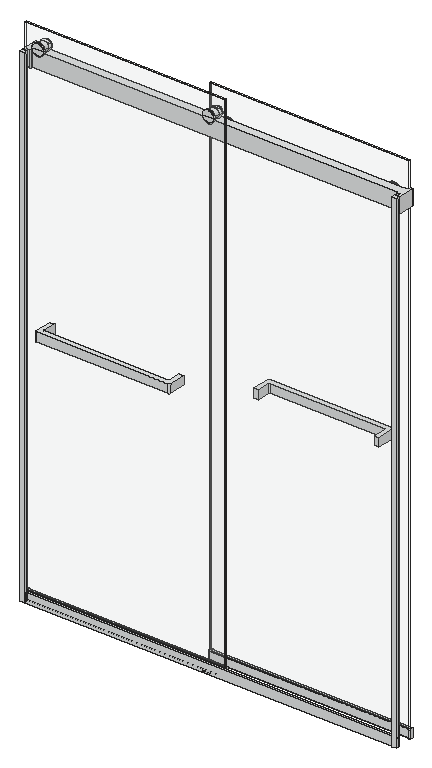
Revit family "Shower-Shower_Door-KOHLER-Levity-K-706019", category Specialty Equipment, host Face, Revit 2015
Parameters (values of type "SHP-Bright Polished Silver")
  Width [instance] = 59 5/8"
  Walk Through [instance] = Width - 32 1/16"  # 27 9/16"
  URL = "https://www.us.kohler.com/us/"
  Type = 1
  Product Page URL = "http://www.us.kohler.com/us/catalog/productDetails.jsp?productNumber=706019-L"
  Product Name = "Levity"  # constant formula
  Product Documentation Link = "http://www.us.kohler.com/onlinecatalog/pdf/K-706019-L_spec.pdf"
  Model = if(Type = 1, "K-706019-L-SHP", if(Type = 2, "K-706019-L-NX", if(Type = 3, "K-706019-L-ABV", "NA")))  # "K-706019-L-SHP"
  Material = "Anodized Aluminum"  # constant formula
  MasterFormat 2004 = "10.28.13"  # constant formula
  MasterFormat 1995 = "10820"  # constant formula
  Manufacturer Address = "444 Highland Dr, Kohler, WI 53044"  # constant formula
  Manufacturer = "KOHLER Co."  # constant formula
  Length = 3 3/16"  # constant formula
  Height = 82"  # constant formula
  Finish = Kohler-Metal-SHP-Bright_Polished_Silver
  Environmental Product Declaration = ""
  Description = "Sliding shower door, 82 Inch H x 56-5/8 - 59-5/8 Inch W, with 3/8 Inch thick Crystal Clear glass and0 square towel bar"  # constant formula
  Default Elevation = 0"
  Declare Label = ""
  Date Modified = "01/8/2019"  # constant formula
  Date Created = "01/8/2019"  # constant formula
  Copyright = "Copyright KOHLER Co."  # constant formula
  Contact Us = "https://www.us.kohler.com/us/static/contact.jsp"
  Assembly Code = "C1030200"
  ADA Compliant = 1 = 0  # no
Reference planes (in)
  plane 1 "Center (Front/Back)": y = 0
  plane 2: z = 0
  plane 3 "Center (Left/Right)": x = 0
  plane 4: x = -30.16667
  plane 5: x = 29.45833
  plane 6: z = 78
  plane 7: z = 75.5
  plane 8: x = 1.89583
  plane 9: z = 82
  plane 10: y = 2.75
  plane 11: y = 5.9375
  plane 12: y = 5.5625
  plane 13: y = 3.34788
  plane 14: y = 8.6875
  plane 15: y = 4.34375
  plane 16: y = 3.72304
Dimensions and locks (in)
  "Width": plane 5 to plane 4
  plane 6 to level = 78"
  plane 6 to plane 7 = 2 1/2"
  "Walk Through": plane 5 to plane 8
  plane 8 to plane 4 = 32 1/16"
  "Height": plane 9 to level
  plane 10 to plane 1 "Center (Front/Back)" = 2 3/4"
  "Length": plane 10 to plane 11
  plane 11 to plane 12 = 3/8"
  plane 16 to plane 13 = 0.37515"
  aligned and locked: plane 2 to host face
  aligned and locked: level to host face
Automatic sketch dimensions
  host sketch curve to host sketch curve = 96"  (x2)
Nested families (in)
  nested 1: "K-706019" at (0, 1.11048, 0), type "K-706019"
Definition of nested family "K-706019"
  Parameters (values of type "K-706019")
    Width = 59 5/8"
    Material = none
  Reference planes (in)
    plane 1 "Center (Front/Back)": y = 0
    plane 2: z = 0
    plane 3 "Center (Left/Right)": x = 0
    plane 4: y = 1.63952
    plane 5: y = -1.11048
    plane 6: x = -30.16667
    plane 7: x = 29.45833
    plane 8: z = 82
    plane 9: y = 4.82702
    plane 10: y = 3.23327
    plane 11: y = 7.57702
  Forms (in)
    Extrusion 1, solid, material <- "Material", detail levels medium+fine
      sketch origin (0, 0, 0) x (1, 0, 0) y (0, 1, 0)
        loop
          line (29.45833, 2.07237) -> (-29.4275, 2.07237) -> (-29.4275, 1.63952) -> (29.45833, 1.63952) -> (29.45833, 2.07237)
      from 0 to 1.45779
    Extrusion 2, solid, detail levels medium+fine
      sketch origin (0, -0.43154, 0) x (1, 0, 0) y (0, 1, 0)
        loop
          arc (1.875, 3.02178) -> (1.86846, 3.03756) -> (1.85268, 3.0441) r 0.02232
          line (1.85268, 3.0441) -> (-29.84824, 3.0441)
          arc (-29.84824, 3.0441) -> (-29.86257, 3.03817) -> (-29.8685, 3.02384) r 0.02026
          line (-29.8685, 3.02384) -> (-29.8685, 2.68948)
          arc (-29.8685, 2.68948) -> (-29.86253, 2.67507) -> (-29.84812, 2.6691) r 0.02038
          line (-29.84812, 2.6691) -> (1.85273, 2.6691)
          arc (1.85273, 2.6691) -> (1.86848, 2.67562) -> (1.875, 2.69137) r 0.02227
          line (1.875, 2.69137) -> (1.875, 3.02178)
      from 0.81374 to 82
    Extrusion 3, solid, detail levels medium+fine
      sketch origin (0, 0, 0) x (1, 0, 0) y (0, 1, 0)
        loop
          line (29.11702, 4.79968) -> (-2.39006, 4.79968)
          arc (-2.39006, 4.79968) -> (-2.40522, 4.7934) -> (-2.4115, 4.77823) r 0.02145
          line (-2.4115, 4.77823) -> (-2.4115, 4.47524)
          arc (-2.4115, 4.47524) -> (-2.4047, 4.45882) -> (-2.38828, 4.45202) r 0.02322
          line (-2.38828, 4.45202) -> (29.1176, 4.45202)
          arc (29.1176, 4.45202) -> (29.13297, 4.45839) -> (29.13933, 4.47376) r 0.02173
          line (29.13933, 4.47376) -> (29.13933, 4.77736)
          arc (29.13933, 4.77736) -> (29.13279, 4.79314) -> (29.11702, 4.79968) r 0.02231
      from 0.063 to 82
    Revolve 4, solid, material <- "Material", detail levels medium+fine
      sketch origin (26.6618, 0, 78.84653) x (1, 0, 0) y (0, 1, 0)
        loop
          line (-27.32381, 2.03059) -> (-27.32381, 4.00452) -> (-27.98381, 4.00452) -> (-28.02527, 3.96306) -> (-28.02711, 3.75579)
          arc (-28.02711, 3.75579) -> (-28.02143, 3.7412) -> (-28.00726, 3.73456) r 0.02108
          line (-28.00726, 3.73456) -> (-28.07029, 3.73456)
          arc (-28.07029, 3.73456) -> (-28.13564, 3.54706) -> (-28.07029, 3.35956) r 0.30166
          line (-28.07029, 3.35956) -> (-27.87017, 3.35956) -> (-27.87017, 3.27877) -> (-27.98381, 3.27877) -> (-27.98381, 2.23759) -> (-28.22096, 2.23759) -> (-28.26127, 2.19729) -> (-28.26127, 2.07089) -> (-28.22096, 2.03059) -> (-27.32381, 2.03059)
        axis (-27.32381, 4.00452) -> (-27.32381, 2.03059)
      angle from 0 to 360
    Revolve 5, solid, material <- "Material", detail levels medium+fine
      sketch origin (0, 0, 76.86704) x (1, 0, 0) y (0, 1, 0)
        loop
          line (0.03819, 5.03487) -> (0.03819, 3.99088) -> (0.70065, 3.99088) -> (0.70065, 4.82787) -> (0.93533, 4.82787) -> (0.97565, 4.86818) -> (0.97565, 4.99455) -> (0.93533, 5.03487) -> (0.03819, 5.03487)
        axis (0.03819, 3.99088) -> (0.03819, 5.03487)
      angle from 0 to 360
    Revolve 6, solid, material <- "Material", detail levels medium+fine
      sketch origin (26.6449, 0, 76.86704) x (1, 0, 0) y (0, 1, 0)
        loop
          line (-0.31598, 5.03096) -> (-0.31598, 4.11588) -> (0.34648, 4.11588) -> (0.34648, 4.82396) -> (0.58117, 4.82396) -> (0.62148, 4.86427) -> (0.62148, 4.99065) -> (0.58117, 5.03096) -> (-0.31598, 5.03096)
        axis (-0.31598, 4.11588) -> (-0.31598, 5.03096)
      angle from 0 to 360
    Revolve 7, solid, material <- "Material", detail levels medium+fine
      sketch origin (0.05628, 0, 78.84692) x (1, 0, 0) y (0, 1, 0)
        loop
          line (-27.69881, 2.03059) -> (-27.69881, 4.00452) -> (-28.35881, 4.00452) -> (-28.40027, 3.96306) -> (-28.40211, 3.75579)
          arc (-28.40211, 3.75579) -> (-28.39643, 3.7412) -> (-28.38226, 3.73456) r 0.02108
          line (-28.38226, 3.73456) -> (-28.44529, 3.73456)
          arc (-28.44529, 3.73456) -> (-28.51064, 3.54706) -> (-28.44529, 3.35956) r 0.30166
          line (-28.44529, 3.35956) -> (-28.24517, 3.35956) -> (-28.24517, 3.27877) -> (-28.35881, 3.27877) -> (-28.35881, 2.23759) -> (-28.59596, 2.23759) -> (-28.63627, 2.19729) -> (-28.63627, 2.07089) -> (-28.59596, 2.03059) -> (-27.69881, 2.03059)
        axis (-27.69881, 4.00452) -> (-27.69881, 2.03059)
      angle from 0 to 360
    Extrusion 8, solid, material <- "Material", detail levels medium+fine
      sketch origin (-1.5, 0, -12.38061) x (1, 0, 0) y (0, 1, 0)
        loop
          line (25.584, 7.57702) -> (6.25, 7.57702)
          arc (6.25, 7.57702) -> (6.07322, 7.5038) -> (6, 7.32702) r 0.25
          line (6, 7.32702) -> (6, 4.61588) -> (6.709, 4.61588) -> (6.709, 6.56921)
          arc (6.709, 6.56921) -> (6.75934, 6.69074) -> (6.88088, 6.74108) r 0.17188
          line (6.88088, 6.74108) -> (24.95256, 6.74108)
          arc (24.95256, 6.74108) -> (25.07449, 6.69058) -> (25.125, 6.56864) r 0.17244
          line (25.125, 6.56864) -> (25.125, 4.61588) -> (25.834, 4.61588) -> (25.834, 7.32702)
          arc (25.834, 7.32702) -> (25.76078, 7.5038) -> (25.584, 7.57702) r 0.25
      from 53.38061 to 52.04377
    Extrusion 9, solid, material <- "Material", detail levels medium+fine
      sketch origin (0, 0, -12.38061) x (1, 0, 0) y (0, 1, 0)
        loop
          line (-25.58134, 1.82702) -> (-25.58134, -0.86048)
          arc (-25.58134, -0.86048) -> (-25.50811, -1.03726) -> (-25.33134, -1.11048) r 0.25
          line (-25.33134, -1.11048) -> (-4.49734, -1.11048)
          arc (-4.49734, -1.11048) -> (-4.32056, -1.03726) -> (-4.24734, -0.86048) r 0.25
          line (-4.24734, -0.86048) -> (-4.24734, 1.63952) -> (-4.95634, 1.63952) -> (-4.95634, -0.12574)
          arc (-4.95634, -0.12574) -> (-5.00684, -0.24768) -> (-5.12877, -0.29818) r 0.17244
          line (-5.12877, -0.29818) -> (-24.70046, -0.29818)
          arc (-24.70046, -0.29818) -> (-24.82199, -0.24784) -> (-24.87234, -0.12631) r 0.17188
          line (-24.87234, -0.12631) -> (-24.87234, 1.82702) -> (-25.58134, 1.82702)
      from 52.04377 to 53.38061
    Extrusion 10, solid, material <- "Material", detail levels medium+fine
      sketch origin (0, 0, 0) x (0, 1, 0) y (0, 0, 1)
        loop
          line (4.67077, 0.063) -> (2.48643, 0.063)
          arc (2.48643, 0.063) -> (2.44521, 0.08007) -> (2.42814, 0.12129) r 0.05829
          line (2.42814, 0.12129) -> (2.42814, 0.538) -> (2.36514, 0.538) -> (2.36514, 0.12188)
          arc (2.36514, 0.12188) -> (2.3479, 0.08024) -> (2.30627, 0.063) r 0.05888
          line (2.30627, 0.063) -> (1.97837, 0.063)
          arc (1.97837, 0.063) -> (1.96428, 0.06883) -> (1.95845, 0.08292) r 0.01992
          line (1.95845, 0.08292) -> (1.95845, 0.15625) -> (1.89545, 0.15625) -> (1.89545, 0.02003)
          arc (1.89545, 0.02003) -> (1.90132, 0.00587) -> (1.91548, 0) r 0.02003
          line (1.91548, 0) -> (4.71551, 0)
          arc (4.71551, 0) -> (4.73027, 0.00612) -> (4.73639, 0.02088) r 0.02088
          line (4.73639, 0.02088) -> (4.73639, 0.538) -> (4.67077, 0.538) -> (4.67077, 0.063)
      from -1.49976 to 0.75757
    Extrusion 11, solid, material <- "Material", detail levels medium+fine
      sketch origin (0, 0.625, 0) x (0, 1, 0) y (0, 0, 1)
        loop
          line (4.20202, 0.08316) -> (4.20202, 1.46807)
          arc (4.20202, 1.46807) -> (4.19618, 1.48218) -> (4.18206, 1.48802) r 0.01996
          line (4.18206, 1.48802) -> (3.80049, 1.48802)
          arc (3.80049, 1.48802) -> (3.78629, 1.48214) -> (3.78041, 1.46794) r 0.02008
          line (3.78041, 1.46794) -> (3.78041, 0.08261)
          arc (3.78041, 0.08261) -> (3.78616, 0.06874) -> (3.80002, 0.063) r 0.01961
          line (3.80002, 0.063) -> (4.18186, 0.063)
          arc (4.18186, 0.063) -> (4.19612, 0.06891) -> (4.20202, 0.08316) r 0.02016
      from -2.4325 to 29.45833
    Extrusion 12, solid, material <- "Material", detail levels medium+fine
      sketch origin (0, -1.56831, 0) x (0, 1, 0) y (0, 0, 1)
        loop
          line (4.30041, 0.08316) -> (4.30041, 1.46807)
          arc (4.30041, 1.46807) -> (4.29456, 1.48218) -> (4.28045, 1.48802) r 0.01996
          line (4.28045, 1.48802) -> (3.80049, 1.48802)
          arc (3.80049, 1.48802) -> (3.78629, 1.48214) -> (3.78041, 1.46794) r 0.02008
          line (3.78041, 1.46794) -> (3.78041, 0.08261)
          arc (3.78041, 0.08261) -> (3.78616, 0.06874) -> (3.80002, 0.063) r 0.01961
          line (3.80002, 0.063) -> (4.28025, 0.063)
          arc (4.28025, 0.063) -> (4.29451, 0.06891) -> (4.30041, 0.08316) r 0.02016
      from -29.8685 to 1.93513
    Extrusion 13, solid, material <- "Material", detail levels coarse
      sketch origin (0, 0, 0) x (1, 0, 0) y (0, 1, 0)
        loop
          line (-30.16667, 2.23756) -> (29.45833, 2.23756) -> (29.45833, 4.45202) -> (-30.16667, 4.45202) -> (-30.16667, 2.23756)
      from 75.5 to 78
    Extrusion 14, solid, detail levels coarse
      sketch origin (0, 0, 0) x (1, 0, 0) y (0, 1, 0)
        loop
          line (-2.41105, 4.82702) -> (-2.41105, 4.45202) -> (29.45833, 4.45202) -> (29.45833, 4.82702) -> (-2.41105, 4.82702)
      from 0 to 82
    Extrusion 15, solid, material <- "Material", detail levels coarse
      sketch origin (0, 0, 0) x (1, 0, 0) y (0, 1, 0)
        loop
          line (-30.16667, 2.23756) -> (-30.16667, 1.63952) -> (-29.44753, 1.63952) -> (-29.44753, 2.23756) -> (-30.16667, 2.23756)
      from 0 to 78
    Extrusion 16, solid, material <- "Material", detail levels coarse
      sketch origin (-0.75, 0, 0) x (-1, 0, 0) y (0, -1, 0)
        loop
          line (-30.20833, -2.23756) -> (-29.46836, -2.23756) -> (-29.46836, -1.63952) -> (-30.20833, -1.63952) -> (-30.20833, -2.23756)
      from 0 to 78
    Extrusion 17, solid, material <- "Material", detail levels coarse
      sketch origin (0, 0, 0) x (1, 0, 0) y (0, 1, 0)
        loop
          line (-29.44788, 2.18456) -> (-29.44788, 1.63952) -> (28.71836, 1.63952) -> (28.71836, 2.18456) -> (-29.44788, 2.18456)
      from 0 to 4.38805
    Extrusion 18, solid, detail levels coarse
      sketch origin (0, 0, 0) x (1, 0, 0) y (0, 1, 0)
        loop
          line (-29.8685, 2.23756) -> (1.875, 2.23756) -> (1.875, 2.61256) -> (-29.8685, 2.61256) -> (-29.8685, 2.23756)
      from 0.81374 to 82
    Extrusion 19, solid, material <- "Material", detail levels coarse
      sketch origin (0, 0, 0) x (0, 1, 0) y (0, 0, 1)
        loop
          line (4.82702, 1.46807) -> (4.35866, 1.46807) -> (4.35866, 0) -> (4.82702, 0) -> (4.82702, 1.46807)
      from -2.4325 to 29.45833
    Extrusion 20, solid, material <- "Material", detail levels coarse
      sketch origin (0, 0, 0) x (0, 1, 0) y (0, 0, 1)
        loop
          line (2.23218, 1.48802) -> (2.23218, 0) -> (2.75756, 0) -> (2.75756, 1.48802) -> (2.23218, 1.48802)
      from -30.16667 to 1.875
    Extrusion 21, solid, material <- "Material", detail levels coarse
      sketch origin (0, 0, 0) x (0, 1, 0) y (0, 0, 1)
        loop
          line (4.67077, 0.063) -> (2.48643, 0.063) -> (2.48643, 0) -> (4.67077, 0) -> (4.67077, 0.063)
      from -1.49976 to 1.40794
    Extrusion 22, solid, material <- "Material", detail levels medium+fine
      sketch origin (0, 0, 0) x (1, 0, 0) y (0, 1, 0)
        loop
          line (-30.16667, 4.75927) -> (-30.16667, 2.21369)
          arc (-30.16667, 2.21369) -> (-30.15814, 2.19309) -> (-30.13754, 2.18456) r 0.02913
          line (-30.13754, 2.18456) -> (-29.89508, 2.18456)
          arc (-29.89508, 2.18456) -> (-29.87628, 2.19235) -> (-29.8685, 2.21114) r 0.02658
          line (-29.8685, 2.21114) -> (-29.8685, 2.59177)
          arc (-29.8685, 2.59177) -> (-29.86241, 2.60647) -> (-29.84771, 2.61256) r 0.02079
          line (-29.84771, 2.61256) -> (-29.34342, 2.61256)
          arc (-29.34342, 2.61256) -> (-29.26115, 2.64664) -> (-29.22707, 2.72891) r 0.11635
          line (-29.22707, 2.72891) -> (-29.22707, 2.90756) -> (28.52262, 2.90756) -> (28.52262, 2.79182)
          arc (28.52262, 2.79182) -> (28.53388, 2.76465) -> (28.56106, 2.75339) r 0.03844
          line (28.56106, 2.75339) -> (29.10922, 2.75339)
          arc (29.10922, 2.75339) -> (29.12978, 2.74487) -> (29.1383, 2.72431) r 0.02908
          line (29.1383, 2.72431) -> (29.1383, 2.21552)
          arc (29.1383, 2.21552) -> (29.14746, 2.19346) -> (29.16954, 2.18437) r 0.03115
          line (29.16954, 2.18437) -> (29.42966, 2.18508)
          arc (29.42966, 2.18508) -> (29.44994, 2.19353) -> (29.45833, 2.21383) r 0.02875
          line (29.45833, 2.21383) -> (29.45833, 4.79858)
          arc (29.45833, 4.79858) -> (29.45, 4.81869) -> (29.42989, 4.82702) r 0.02844
          line (29.42989, 4.82702) -> (29.17042, 4.82702)
          arc (29.17042, 4.82702) -> (29.14844, 4.81791) -> (29.13933, 4.79593) r 0.03109
          line (29.13933, 4.79593) -> (29.13933, 4.47349)
          arc (29.13933, 4.47349) -> (29.13304, 4.45831) -> (29.11786, 4.45202) r 0.02147
          line (29.11786, 4.45202) -> (28.59821, 4.45202)
          arc (28.59821, 4.45202) -> (28.54476, 4.42988) -> (28.52262, 4.37643) r 0.07559
          line (28.52262, 4.37643) -> (28.52262, 4.26706) -> (-29.22707, 4.26706) -> (-29.22707, 4.39814)
          arc (-29.22707, 4.39814) -> (-29.24285, 4.43624) -> (-29.28095, 4.45202) r 0.05388
          line (-29.28095, 4.45202) -> (-29.84767, 4.45202) -> (-29.84767, 4.75581)
          arc (-29.84767, 4.75581) -> (-29.85646, 4.77702) -> (-29.87767, 4.78581) r 0.03
          line (-29.87767, 4.78581) -> (-30.14013, 4.78581)
          arc (-30.14013, 4.78581) -> (-30.1589, 4.77804) -> (-30.16667, 4.75927) r 0.02654
      from 75.5 to 78
    Extrusion 23, solid, material <- "Material", detail levels medium+fine
      sketch origin (0, 0, 0) x (1, 0, 0) y (0, 1, 0)
        loop
          arc (28.72004, 2.18313) -> (28.70474, 2.17675) -> (28.6984, 2.16143) r 0.0217
          line (28.6984, 2.16143) -> (28.6984, 1.65941)
          arc (28.6984, 1.65941) -> (28.70423, 1.64535) -> (28.71829, 1.63952) r 0.01989
          line (28.71829, 1.63952) -> (29.43813, 1.63952)
          arc (29.43813, 1.63952) -> (29.45241, 1.64544) -> (29.45833, 1.65972) r 0.0202
          line (29.45833, 1.65972) -> (29.45833, 2.16519)
          arc (29.45833, 2.16519) -> (29.45248, 2.17929) -> (29.43836, 2.18511) r 0.01992
          line (29.43836, 2.18511) -> (28.72004, 2.18313)
        loop
          line (-29.4275, 1.65929) -> (-29.4275, 2.16425)
          arc (-29.4275, 2.16425) -> (-29.43345, 2.17861) -> (-29.44781, 2.18456) r 0.02031
          line (-29.44781, 2.18456) -> (-30.14129, 2.18456)
          arc (-30.14129, 2.18456) -> (-30.15924, 2.17713) -> (-30.16667, 2.15919) r 0.02538
          line (-30.16667, 2.15919) -> (-30.16667, 1.6593)
          arc (-30.16667, 1.6593) -> (-30.16088, 1.64532) -> (-30.14689, 1.63952) r 0.01978
          line (-30.14689, 1.63952) -> (-29.44726, 1.63952)
          arc (-29.44726, 1.63952) -> (-29.43329, 1.64531) -> (-29.4275, 1.65929) r 0.01976
      from 0 to 78
    Extrusion 24, solid, material <- "Material", detail levels coarse
      sketch origin (0, 0, 2.61939) x (1, 0, 0) y (0, 1, 0)
        loop
          line (5.209, 6.86608) -> (23.625, 6.86608) -> (23.625, 4.61588) -> (24.334, 4.61588) -> (24.334, 7.69329) -> (4.5, 7.69329) -> (4.5, 4.61588) -> (5.209, 4.61588) -> (5.209, 6.86608)
      from 34.92214 to 38.38061
    Extrusion 25, solid, material <- "Material", detail levels coarse
      sketch origin (0, 0, 2.61939) x (1, 0, 0) y (0, 1, 0)
        loop
          line (-4.95634, -0.42318) -> (-24.87234, -0.42318) -> (-24.87234, 1.82702) -> (-25.58134, 1.82702) -> (-25.58134, -1.25039) -> (-4.24734, -1.25039) -> (-4.24734, 1.63952) -> (-4.95634, 1.63952) -> (-4.95634, -0.42318)
      from 34.92214 to 38.38061
    Extrusion 26, solid, material <- "Material", detail levels coarse
      sketch origin (0, 0, 0) x (1, 0, 0) y (0, 0, 1)
        loop
          circle (-0.66201, 78.75) r 0.75
        loop
          circle (-27.64254, 78.75) r 0.75
      from -4.00452 to -2.07089
    Extrusion 27, solid, material <- "Material", detail levels coarse
      sketch origin (0, 0, 0) x (1, 0, 0) y (0, 0, 1)
        loop
          circle (26.32892, 76.86704) r 0.93746
        loop
          circle (0.03819, 76.86704) r 0.93746
      from -5.03487 to -3.73456
  Lines and regions (in)
    Masking region 1
      outline origin (0, 0, 0) x (1, 0, 0) y (0, 0, 1)
        loop
          line (-29.8685, 82) -> (-29.8685, 78) -> (-30.16667, 78) -> (-30.16667, 0) -> (29.45833, 0) -> (29.45833, 78) -> (29.38152, 78) -> (29.38152, 82) -> (-29.8685, 82)
    Masking region 2
      outline origin (0, 0, 0) x (0, 1, 0) y (0, 0, 1)
        loop
          line (4.82702, 39.66317) -> (7.57702, 39.66317) -> (7.57702, 41) -> (4.82702, 41) -> (4.82702, 75.97074) -> (4.86541, 75.93235) -> (4.9955, 75.93235) -> (5.03571, 75.97256) -> (5.03571, 77.7665) -> (4.99543, 77.80677) -> (4.86483, 77.80677) -> (4.82702, 77.76896) -> (4.82702, 82) -> (4.45202, 82) -> (4.45202, 78) -> (3.48787, 78) -> (2.61256, 78) -> (2.61256, 78.18642) -> (3.27877, 78.18642) -> (3.27877, 78.30046) -> (3.35956, 78.30046) -> (3.35956, 78.10034)
          arc (3.35956, 78.10034) -> (3.54706, 78.03426) -> (3.73456, 78.10034) r 0.29905
          line (3.73456, 78.10034) -> (3.73456, 78.16058)
          arc (3.73456, 78.16058) -> (3.74287, 78.14792) -> (3.7572, 78.14301) r 0.02337
          line (3.7572, 78.14301) -> (3.96306, 78.14301) -> (4.00452, 78.18486) -> (4.00452, 79.50681) -> (3.96306, 79.54827) -> (3.75779, 79.55017)
          arc (3.75779, 79.55017) -> (3.74244, 79.54457) -> (3.73456, 79.53025) r 0.02326
          line (3.73456, 79.53025) -> (3.73456, 79.59329)
          arc (3.73456, 79.59329) -> (3.54706, 79.65765) -> (3.35956, 79.59329) r 0.30528
          line (3.35956, 79.59329) -> (3.35956, 79.39317) -> (3.27877, 79.39317) -> (3.27877, 79.50681) -> (2.61256, 79.50681) -> (2.61256, 82) -> (2.23756, 82) -> (2.23756, 79.74392) -> (2.19726, 79.78422) -> (2.07085, 79.78422) -> (2.03059, 79.74396) -> (2.03059, 78) -> (1.63952, 78) -> (1.63952, 41) -> (-1.11048, 41) -> (-1.11048, 39.66317) -> (1.63952, 39.66317) -> (1.63952, 0) -> (2.15183, 0) -> (3.56918, 0) -> (4.82702, 0) -> (4.82702, 39.66317)
    Masking region 3
      outline origin (0, 0, 0) x (1, 0, 0) y (0, 1, 0)
        loop
          arc (29.13933, 4.80471) -> (29.13279, 4.82049) -> (29.11702, 4.82702) r 0.02231
          line (29.11702, 4.82702) -> (27.22913, 4.82702) -> (27.26638, 4.86427) -> (27.26638, 4.99065) -> (27.22607, 5.03096) -> (25.43177, 5.03096) -> (25.39145, 4.99065) -> (25.39145, 4.86427) -> (25.4287, 4.82702) -> (24.334, 4.82702) -> (24.334, 7.32702)
          arc (24.334, 7.32702) -> (24.26078, 7.5038) -> (24.084, 7.57702) r 0.25
          line (24.084, 7.57702) -> (4.75, 7.57702)
          arc (4.75, 7.57702) -> (4.57322, 7.5038) -> (4.5, 7.32702) r 0.25
          line (4.5, 7.32702) -> (4.5, 4.82702) -> (0.93449, 4.82702) -> (0.97565, 4.86818) -> (0.97565, 4.99455) -> (0.93533, 5.03487) -> (-0.85896, 5.03487) -> (-0.89928, 4.99455) -> (-0.89928, 4.86818) -> (-0.85812, 4.82702) -> (-2.39022, 4.82702)
          arc (-2.39022, 4.82702) -> (-2.40539, 4.82074) -> (-2.41167, 4.80558) r 0.02145
          line (-2.41167, 4.80558) -> (-2.41167, 4.47524)
          arc (-2.41167, 4.47524) -> (-2.40487, 4.45882) -> (-2.38845, 4.45202) r 0.02322
          line (-2.38845, 4.45202) -> (-1.47893, 4.45202) -> (-1.47893, 4.26706) -> (-29.22707, 4.26706) -> (-29.22707, 4.42181)
          arc (-29.22707, 4.42181) -> (-29.23592, 4.44317) -> (-29.25728, 4.45202) r 0.03021
          line (-29.25728, 4.45202) -> (-29.81796, 4.45202)
          arc (-29.81796, 4.45202) -> (-29.83897, 4.46072) -> (-29.84767, 4.48173) r 0.02971
          line (-29.84767, 4.48173) -> (-29.84767, 4.75674)
          arc (-29.84767, 4.75674) -> (-29.85618, 4.7773) -> (-29.87674, 4.78581) r 0.02907
          line (-29.87674, 4.78581) -> (-30.13826, 4.78581)
          arc (-30.13826, 4.78581) -> (-30.15835, 4.77749) -> (-30.16667, 4.7574) r 0.02841
          line (-30.16667, 4.7574) -> (-30.16667, 2.21403)
          arc (-30.16667, 2.21403) -> (-30.15897, 2.19417) -> (-30.13991, 2.18469) r 0.02947
          arc (-30.13991, 2.18469) -> (-30.15884, 2.17677) -> (-30.16667, 2.1578) r 0.02689
          line (-30.16667, 2.1578) -> (-30.16667, 1.65937)
          arc (-30.16667, 1.65937) -> (-30.16086, 1.64533) -> (-30.14682, 1.63952) r 0.01985
          line (-30.14682, 1.63952) -> (-25.5605, 1.63952) -> (-25.5605, -0.86048)
          arc (-25.5605, -0.86048) -> (-25.48728, -1.03726) -> (-25.3105, -1.11048) r 0.25
          line (-25.3105, -1.11048) -> (-4.4765, -1.11048)
          arc (-4.4765, -1.11048) -> (-4.29973, -1.03726) -> (-4.2265, -0.86048) r 0.25
          line (-4.2265, -0.86048) -> (-4.2265, 1.63952) -> (29.43848, 1.63952)
          arc (29.43848, 1.63952) -> (29.45252, 1.64533) -> (29.45833, 1.65937) r 0.01985
          line (29.45833, 1.65937) -> (29.45833, 2.16373)
          arc (29.45833, 2.16373) -> (29.4508, 2.18013) -> (29.43345, 2.18509) r 0.02161
          arc (29.43345, 2.18509) -> (29.4513, 2.19563) -> (29.45833, 2.21513) r 0.03057
          line (29.45833, 2.21513) -> (29.45833, 4.79754)
          arc (29.45833, 4.79754) -> (29.4497, 4.81839) -> (29.42885, 4.82702) r 0.02948
          line (29.42885, 4.82702) -> (29.17036, 4.82702)
          arc (29.17036, 4.82702) -> (29.15026, 4.81964) -> (29.13974, 4.801) r 0.03103
        loop
          line (23.64583, 4.82702) -> (23.64583, 6.56864)
          arc (23.64583, 6.56864) -> (23.59532, 6.69058) -> (23.47339, 6.74108) r 0.17244
          line (23.47339, 6.74108) -> (5.38088, 6.74108)
          arc (5.38088, 6.74108) -> (5.25934, 6.69074) -> (5.209, 6.56921) r 0.17188
          line (5.209, 6.56921) -> (5.209, 4.82702) -> (23.64583, 4.82702)
        loop
          line (-4.95634, 1.63952) -> (-24.87234, 1.63952) -> (-24.87234, -0.12631)
          arc (-24.87234, -0.12631) -> (-24.82199, -0.24784) -> (-24.70046, -0.29818) r 0.17188
          line (-24.70046, -0.29818) -> (-5.12877, -0.29818)
          arc (-5.12877, -0.29818) -> (-5.00684, -0.24768) -> (-4.95634, -0.12574) r 0.17244
          line (-4.95634, -0.12574) -> (-4.95634, 1.63952)
    symbolic lines, detail levels medium+fine
      curve 1: line (-4.2265, 1.63952, 0) -> (-4.95634, 1.63952, 0)
      curve 2: line (-1.49976, 4.45202, 0) -> (29.1176, 4.45202, 0)
      curve 3: line (29.13933, 4.47376, 0) -> (29.13933, 4.80471, 0)
      curve 4: arc (29.1176, 4.45202, 0) -> (29.13297, 4.45839, 0) -> (29.13933, 4.47376, 0) r 0.02173
      curve 5: line (28.52262, 4.26706, 0) -> (-1.49976, 4.26706, 0)
      curve 6: line (0.70065, 4.26706, 0) -> (0.70065, 4.45202, 0)
      curve 7: line (-0.85812, 4.82702, 0) -> (0.93449, 4.82702, 0)
      curve 8: line (25.4287, 4.82702, 0) -> (27.22913, 4.82702, 0)
      curve 9: line (28.52262, 4.37376, 0) -> (28.52262, 4.26706, 0)
      curve 10: arc (28.58289, 4.45202, 0) -> (28.53944, 4.42315, 0) -> (28.52262, 4.37376, 0) r 0.08095
      curve 11: line (29.1383, 2.72649, 0) -> (29.1383, 2.21327, 0)
      curve 12: line (28.56106, 2.75339, 0) -> (29.11141, 2.75339, 0)
      curve 13: line (28.52262, 2.90756, 0) -> (28.52262, 2.79182, 0)
      curve 14: line (-29.22707, 2.90756, 0) -> (-28.30254, 2.90756, 0)
      curve 15: arc (28.52262, 2.79182, 0) -> (28.53388, 2.76465, 0) -> (28.56106, 2.75339, 0) r 0.03844
      curve 16: arc (29.11141, 2.75339, 0) -> (29.13042, 2.74551, 0) -> (29.1383, 2.72649, 0) r 0.0269
      curve 17: arc (29.1383, 2.21327, 0) -> (29.1446, 2.19526, 0) -> (29.16074, 2.18509, 0) r 0.02891
      curve 18: line (28.71875, 2.18509, 0) -> (29.43345, 2.18509, 0)
      curve 19: line (24.334, 4.82702, 0) -> (23.64583, 4.82702, 0)
      curve 20: line (-29.22707, 2.72642, 0) -> (-29.22707, 2.90756, 0)
      curve 21: arc (-29.34093, 2.61256, 0) -> (-29.26042, 2.64591, 0) -> (-29.22707, 2.72642, 0) r 0.11386
      curve 22: line (1.85268, 2.61256, 0) -> (-29.84824, 2.61256, 0)
      curve 23: line (-29.86851, 2.5923, 0) -> (-29.86851, 2.2129, 0)
      curve 24: arc (-29.84824, 2.61256, 0) -> (-29.86257, 2.60663, 0) -> (-29.86851, 2.5923, 0) r 0.02027
      curve 25: arc (-29.89676, 2.18464, 0) -> (-29.87679, 2.19292, 0) -> (-29.86851, 2.2129, 0) r 0.02825
      curve 26: line (-29.84812, 2.23756, 0) -> (1.85273, 2.23756, 0)
      curve 27: arc (-29.86851, 2.25795, 0) -> (-29.86254, 2.24353, 0) -> (-29.84812, 2.23756, 0) r 0.02039
      curve 28: line (-29.44787, 2.18456, 0) -> (-30.13991, 2.18469, 0)
      curve 29: arc (-29.4275, 2.16418, 0) -> (-29.43347, 2.17859, 0) -> (-29.44787, 2.18456, 0) r 0.02038
      curve 30: line (-29.4275, 2.07237, 0) -> (-29.4275, 2.16418, 0)
      curve 31: line (28.6984, 2.07237, 0) -> (-29.4275, 2.07237, 0)
      curve 32: line (1.875, 2.25983, 0) -> (1.875, 2.59024, 0)
      curve 33: arc (1.875, 2.59024, 0) -> (1.86846, 2.60602, 0) -> (1.85268, 2.61256, 0) r 0.02232
      curve 34: arc (1.85273, 2.23756, 0) -> (1.86848, 2.24408, 0) -> (1.875, 2.25983, 0) r 0.02227
      curve 35: line (28.6984, 2.16474, 0) -> (28.6984, 1.65941, 0)
      curve 36: line (-28.57999, 2.19729, 0) -> (-28.57999, 2.07237, 0)
      curve 37: line (-28.57999, 2.19729, 0) -> (-28.53972, 2.23756, 0)
      curve 38: line (-26.70509, 2.19729, 0) -> (-26.70509, 2.07237, 0)
      curve 39: line (-26.70509, 2.19729, 0) -> (-26.74536, 2.23756, 0)
      curve 40: line (-28.30254, 3.27877, 0) -> (-28.30254, 2.61256, 0)
      curve 41: line (-28.57999, 2.07237, 0) -> (-28.53821, 2.03059, 0)
      curve 42: line (-28.53821, 2.03059, 0) -> (-26.74539, 2.03059, 0)
      curve 43: line (-26.74539, 2.03059, 0) -> (-26.70509, 2.07237, 0)
      curve 44: line (-26.98254, 3.27877, 0) -> (-26.98254, 2.61256, 0)
      curve 45: line (-28.1889, 3.27877, 0) -> (-28.1889, 3.35956, 0)
      curve 46: line (-28.1889, 3.27877, 0) -> (-28.30254, 3.27877, 0)
      curve 47: line (-28.38901, 3.35956, 0) -> (-28.1889, 3.35956, 0)
      curve 48: line (-27.09618, 3.27877, 0) -> (-27.09618, 3.35956, 0)
      curve 49: line (-27.09618, 3.35956, 0) -> (-26.89607, 3.35956, 0)
      curve 50: line (-28.38901, 3.73456, 0) -> (-28.32598, 3.73456, 0)
      curve 51: line (-28.344, 3.96306, 0) -> (-28.344, 3.75563, 0)
      curve 52: arc (-28.344, 3.75563, 0) -> (-28.33888, 3.74177, 0) -> (-28.32598, 3.73456, 0) r 0.02133
      curve 53: line (-28.30254, 4.00452, 0) -> (-28.344, 3.96306, 0)
      curve 54: line (-28.30254, 4.00452, 0) -> (-26.98254, 4.00452, 0)
      curve 55: line (-26.98254, 4.00452, 0) -> (-26.94108, 3.96306, 0)
      curve 56: line (-26.94108, 3.96306, 0) -> (-26.93899, 3.75994, 0)
      curve 57: arc (-26.93899, 3.75994, 0) -> (-26.94455, 3.74369, 0) -> (-26.9591, 3.73456, 0) r 0.02573
      curve 58: line (-26.9591, 3.73456, 0) -> (-26.89607, 3.73456, 0)
      curve 59: arc (-26.89607, 3.73456, 0) -> (-26.8309, 3.54706, 0) -> (-26.89607, 3.35956, 0) r 0.30234
      curve 60: arc (-28.38901, 3.73456, 0) -> (-28.45547, 3.54706, 0) -> (-28.38901, 3.35956, 0) r 0.29772
      curve 61: line (-28.32598, 3.73456, 0) -> (-26.9591, 3.73456, 0)
      curve 62: line (-28.344, 3.96306, 0) -> (-26.94108, 3.96306, 0)
      curve 63: line (-28.1889, 3.35956, 0) -> (-27.09618, 3.35956, 0)
      curve 64: line (-28.1889, 3.27877, 0) -> (-26.98254, 3.27877, 0)
      curve 65: line (-1.59947, 2.19729, 0) -> (-1.59947, 2.07237, 0)
      curve 66: line (-1.59947, 2.19729, 0) -> (-1.5592, 2.23756, 0)
      curve 67: line (0.27544, 2.19729, 0) -> (0.27544, 2.07237, 0)
      curve 68: line (0.27544, 2.19729, 0) -> (0.23517, 2.23756, 0)
      curve 69: line (-1.32201, 3.27877, 0) -> (-1.32201, 2.61256, 0)
      curve 70: line (-1.59947, 2.07237, 0) -> (-1.55769, 2.03059, 0)
      curve 71: line (-1.55769, 2.03059, 0) -> (0.23514, 2.03059, 0)
      curve 72: line (0.23514, 2.03059, 0) -> (0.27544, 2.07237, 0)
      curve 73: line (-0.00201, 3.27877, 0) -> (-0.00201, 2.61256, 0)
      curve 74: line (-1.20837, 3.27877, 0) -> (-1.20837, 3.35956, 0)
      curve 75: line (-1.20837, 3.27877, 0) -> (-1.32201, 3.27877, 0)
      curve 76: line (-1.40849, 3.35956, 0) -> (-1.20837, 3.35956, 0)
      curve 77: line (-0.11566, 3.27877, 0) -> (-0.11566, 3.35956, 0)
      curve 78: line (-0.11566, 3.35956, 0) -> (0.08446, 3.35956, 0)
      curve 79: line (-1.40849, 3.73456, 0) -> (-1.34546, 3.73456, 0)
      curve 80: line (-1.36347, 3.96306, 0) -> (-1.36347, 3.75563, 0)
      curve 81: arc (-1.36347, 3.75563, 0) -> (-1.35835, 3.74177, 0) -> (-1.34546, 3.73456, 0) r 0.02133
      curve 82: line (-1.32201, 4.00452, 0) -> (-1.36347, 3.96306, 0)
      curve 83: line (-1.32201, 4.00452, 0) -> (-0.00201, 4.00452, 0)
      curve 84: line (-0.00201, 4.00452, 0) -> (0.03944, 3.96306, 0)
      curve 85: line (0.03944, 3.96306, 0) -> (0.04154, 3.75994, 0)
      curve 86: arc (0.04154, 3.75994, 0) -> (0.03598, 3.74369, 0) -> (0.02143, 3.73456, 0) r 0.02573
      curve 87: line (0.02143, 3.73456, 0) -> (0.08446, 3.73456, 0)
      curve 88: arc (0.08446, 3.73456, 0) -> (0.14962, 3.54706, 0) -> (0.08446, 3.35956, 0) r 0.30234
      curve 89: arc (-1.40849, 3.73456, 0) -> (-1.47495, 3.54706, 0) -> (-1.40849, 3.35956, 0) r 0.29772
      curve 90: line (-1.34546, 3.73456, 0) -> (0.02143, 3.73456, 0)
      curve 91: line (-1.36347, 3.96306, 0) -> (0.03944, 3.96306, 0)
      curve 92: line (-1.20837, 3.35956, 0) -> (-0.11566, 3.35956, 0)
      curve 93: line (-1.20837, 3.27877, 0) -> (-0.00201, 3.27877, 0)
      curve 94: line (-26.98254, 2.90756, 0) -> (-1.32201, 2.90756, 0)
      curve 95: line (-0.00201, 2.90756, 0) -> (28.52262, 2.90756, 0)
      curve 96: line (-0.89928, 4.99455, 0) -> (0.97565, 4.99455, 0)
      curve 97: line (-0.89928, 4.86818, 0) -> (0.97565, 4.86818, 0)
      curve 98: line (25.39145, 4.99065, 0) -> (27.26638, 4.99065, 0)
      curve 99: line (25.39145, 4.86427, 0) -> (27.26638, 4.86427, 0)
      curve 100: line (28.52262, 2.90756, 0) -> (28.52262, 4.26706, 0)
      curve 101: line (-29.22707, 2.90756, 0) -> (-29.22707, 4.26706, 0)
      curve 102: line (-29.89757, 0, 78) -> (-29.4275, 0, 78)
      curve 103: line (-29.4275, 0, 78) -> (-29.4275, 0, 1.45779)
      curve 104: line (-29.4275, 0, 1.45779) -> (1.95461, 0, 1.45779)
      curve 105: line (29.1185, 0, 78) -> (29.32253, 0, 78)
      curve 106: line (29.32253, 0, 78) -> (29.32253, 0, 0)
      curve 107: line (29.32253, 0, 0.5) -> (-29.4275, 0, 0.5)
      curve 108: line (-29.4275, 0, 0) -> (-29.4275, 0, 1.45779)
      curve 109: line (1.89583, 0, 82) -> (1.89583, 0, 0.5)
      curve 110: line (0, 0, 0.5) -> (0, 0, 0.65625)
      curve 111: line (0, 0, 0.65625) -> (1.75, 0, 0.65625)
      curve 112: line (1.95461, 0, 1.45779) -> (1.95461, 0, 0.5)
      curve 113: line (-4.27315, 0, 40.96183) -> (-25.5705, 0, 40.96183)
      curve 114: line (-25.5705, 0, 39.625) -> (-4.27315, 0, 39.625)
      curve 115: line (0, 4.82702, 39.66317) -> (0, 4.82702, 41)
      curve 116: line (0, 1.63952, 39.66317) -> (0, 1.63952, 41)
      curve 117: line (0, 2.75756, 75.5) -> (0, 2.18451, 75.5)
      curve 118: line (0, 2.23759, 75.5) -> (0, 2.23759, 1.48802)
      curve 119: line (0, 2.18511, 0) -> (0, 2.18451, 75.5)
      curve 120: line (0, 2.18451, 75.5) -> (0, 1.63952, 75.5)
      curve 121: line (0, 2.75756, 75.5) -> (0, 4.82702, 75.5)
      curve 122: circle (-0.66201, 0, 78.75) r 0.93707 normal (0, -1, 0)
      curve 123: circle (-27.64254, 0, 78.75) r 0.93745 normal (0, -1, 0)
      curve 124: line (-25.5705, 0, 40.96183) -> (-25.5705, 0, 39.625)
      curve 125: line (-4.27315, 0, 40.96183) -> (-4.27315, 0, 39.625)
      curve 126: line (24.959, 0, 41) -> (5.834, 0, 41)
      curve 127: line (5.834, 0, 39.66317) -> (24.959, 0, 39.66317)
      curve 128: line (6.459, 0, 41) -> (6.459, 0, 39.66317)
      curve 129: line (5.834, 0, 41) -> (5.834, 0, 39.66317)
      curve 130: line (24.25, 0, 41) -> (24.25, 0, 39.66317)
      curve 131: line (24.959, 0, 41) -> (24.959, 0, 39.66317)
      curve 132: line (-0.62428, 4.26706, 0) -> (-0.62428, 4.45202, 0)
      curve 133: line (0, 4.82702, 1.48802) -> (0, 4.42475, 1.48802)
      curve 134: line (0, 4.40541, 0.063) -> (0, 2.7321, 0.063)
      curve 135: line (0, 4.40541, 1.46869) -> (0, 4.40541, 0)
      curve 136: arc (0, 4.42475, 1.48802) -> (0, 4.41107, 1.48236) -> (0, 4.40541, 1.46869) r 0.01934
      curve 137: line (0, 4.45202, 1.48802) -> (0, 4.45202, 75.5)
      curve 138: line (0, 2.23097, 1.48802) -> (0, 2.7321, 1.48802)
      curve 139: line (0, 2.7321, 0) -> (0, 2.7321, 1.48802)
      curve 140: line (0, 2.61256, 1.48802) -> (0, 2.61256, 75.5)
      curve 141: line (0, 2.2121, 1.46915) -> (0, 2.2121, 0)
      curve 142: arc (0, 2.2121, 1.46915) -> (0, 2.21762, 1.4825) -> (0, 2.23097, 1.48802) r 0.01887
      curve 143: arc (1.75, 0, 0.65625) -> (1.74085, 0, 0.56445) -> (1.80687, 0, 0.5) r 0.10641
      curve 144: line (1.89583, 0, 75.5) -> (29.32253, 0, 75.5)
      curve 145: line (1.89583, 0, 78) -> (29.38152, 0, 78)
      curve 146: line (0, 2.61256, 78) -> (0, 2.03059, 78)
      curve 147: line (0, 2.23759, 79.74299) -> (0, 2.23759, 78)
      curve 148: line (0, 2.19726, 79.78422) -> (0, 2.19726, 78)
      curve 149: line (0, 2.07085, 79.78422) -> (0, 2.07085, 78)
      curve 150: line (0, 2.61256, 79.50681) -> (0, 2.61256, 78.18642)
      curve 151: line (0, 3.27877, 79.3922) -> (0, 3.27877, 78.30046)
      curve 152: line (0, 3.35956, 79.3922) -> (0, 3.35956, 78.29948)
      curve 153: line (0, 3.73456, 79.52928) -> (0, 3.73456, 78.16058)
      curve 154: line (0, 3.96306, 79.54729) -> (0, 3.96306, 78.14301)
      curve 155: line (0, 4.99543, 77.80677) -> (0, 4.9955, 75.93235)
      curve 156: line (0, 4.86483, 77.80677) -> (0, 4.86541, 75.93235)
      curve 157: line (0, 4.82702, 77.76896) -> (0, 4.82702, 75.97074)
      curve 158: line (0, 4.45202, 78) -> (0, 4.82702, 78)
      curve 159: line (-29.4275, 2.07237, 0) -> (-29.4275, 1.65929, 0)
      curve 160: arc (-29.44726, 1.63952, 0) -> (-29.43329, 1.64531, 0) -> (-29.4275, 1.65929, 0) r 0.01976
      curve 161: arc (28.6984, 1.65941, 0) -> (28.70423, 1.64535, 0) -> (28.71829, 1.63952, 0) r 0.01989
      curve 162: arc (28.6984, 2.16474, 0) -> (28.70436, 2.17913, 0) -> (28.71875, 2.18509, 0) r 0.02035
      curve 163: line (5.209, 4.82702, 0) -> (4.5, 4.82702, 0)
      curve 164: line (-24.87234, 1.63952, 0) -> (-25.5605, 1.63952, 0)
  Dimensions and locks (in)
    curve 129 to curve 131 to curve 106 = 19 1/8" locked, 4.36353" locked
    Extrusion 16 to Extrusion 8 to Extrusion 8 = 5.12433" locked, 19.834" locked
    locked: Extrusion 16 to curve 106 at 0.1358
    "Width": plane 7 to plane 6
    Masking region 3 sketch curve to Extrusion 8 to plane 7 = 19.834" locked, 5.12433" locked
    Extrusion 24 sketch curve to Extrusion 24 sketch curve to plane 7 = 19.834" locked, 5.12433" locked
    Extrusion 8 sketch curve to Extrusion 8 sketch curve to plane 7 = 19.834" locked, 5.12433" locked
    plane 8 to plane 2 = 82"
    plane 9 to plane 4 = 3 3/16"
    aligned and locked: plane 2 to level
    aligned and locked: Extrusion 14 to Extrusion 19
    aligned and locked: Extrusion 14 to Extrusion 11
    aligned and locked: Extrusion 14 to Extrusion 1
    aligned and locked: plane 7 to Extrusion 1 sketch curve
  Automatic sketch dimensions
    Extrusion 1 sketch curve to plane 4 = 0"
    plane 6 to Extrusion 1 sketch curve = 0.73917"
    plane 4 to Extrusion 1 sketch curve = 0.43285"
    plane 6 to Extrusion 2 sketch curve = 0.29817"
    Extrusion 2 sketch curve to Extrusion 2 sketch curve = 0.02026"
    Extrusion 2 sketch curve to Extrusion 2 sketch curve = 0.02038"
    plane 3 "Center (Left/Right)" to Extrusion 2 sketch curve = 1.85268"
    Extrusion 2 sketch curve to Extrusion 2 sketch curve = 0.00005"
    Extrusion 2 sketch curve to Extrusion 2 sketch curve = 0.02227"
    plane 4 to Extrusion 2 sketch curve = 0.59804"
    Extrusion 2 sketch curve to Extrusion 2 sketch curve = 0.33041"
    Extrusion 3 sketch curve to plane 3 "Center (Left/Right)" = 2.4115"
    Extrusion 3 sketch curve to Extrusion 3 sketch curve = 0.02145"
    Extrusion 3 sketch curve to Extrusion 3 sketch curve = 0.02322"
    plane 7 to Extrusion 3 sketch curve = 0.34131"
    Extrusion 3 sketch curve to Extrusion 3 sketch curve = 0.00058"
    Extrusion 3 sketch curve to Extrusion 3 sketch curve = 0.02173"
    plane 4 to Extrusion 3 sketch curve = 2 13/16"
    Extrusion 3 sketch curve to Extrusion 3 sketch curve = 0.30361"
    plane 4 to Revolve 4 sketch curve = 0.43137"
    Revolve 4 sketch curve to plane 3 "Center (Left/Right)" = 1.59947"
    Revolve 4 sketch curve to Revolve 4 sketch curve = 0.0403"  (x3)
    Revolve 4 sketch curve to plane 3 "Center (Left/Right)" = 1.40849"
    Revolve 4 sketch curve to Revolve 4 sketch curve = 0"
    Revolve 4 sketch curve to Revolve 4 sketch curve = 0.04318"
    Revolve 4 sketch curve to Revolve 4 sketch curve = 0.00184"
    Revolve 4 sketch curve to Revolve 4 sketch curve = 0.01985"
    Revolve 4 sketch curve to Revolve 4 sketch curve = 0.00122"
    Revolve 4 sketch curve to Revolve 4 sketch curve = 0.04146"
    Revolve 4 sketch curve to Revolve 4 sketch curve = 0.08647"
    Revolve 4 sketch curve to Revolve 4 sketch curve = 0.11364"
    Revolve 4 sketch curve to Revolve 4 sketch curve = 0.03619"
    Revolve 4 sketch curve to plane 3 "Center (Left/Right)" = 0.66201"
    plane 4 to Revolve 4 sketch curve = 0.39107"
    Revolve 4 sketch curve to Revolve 4 sketch curve = 0.12639"
    Revolve 4 sketch curve to Revolve 4 sketch curve = 1.04118"
    Revolve 4 sketch curve to Revolve 4 sketch curve = 0.08079"
    Revolve 4 sketch curve to Revolve 4 sketch curve = 3/16"
    Revolve 4 sketch curve to Revolve 4 sketch curve = 0.02104"
    Revolve 4 sketch curve to Revolve 4 sketch curve = 0.20727"
    Revolve 4 sketch curve to Revolve 4 sketch curve = 0.45746"
    Revolve 4 sketch curve to Revolve 4 sketch curve = 0.54636"
    Revolve 4 sketch curve to Revolve 4 sketch curve = 0.68597"
    Revolve 4 sketch curve to Revolve 4 sketch curve = 0.26473"
    plane 3 "Center (Left/Right)" to Revolve 5 sketch curve = 0.03819"  (x2)
    Revolve 5 sketch curve to Revolve 5 sketch curve = 0.66246"
    Revolve 5 sketch curve to Revolve 5 sketch curve = 0.23469"
    Revolve 5 sketch curve to Revolve 5 sketch curve = 0"
    Revolve 5 sketch curve to Revolve 5 sketch curve = 0.04031"  (x3)
    plane 4 to Revolve 5 sketch curve = 2.35136"
    Revolve 5 sketch curve to Revolve 5 sketch curve = 0.83699"
    Revolve 5 sketch curve to Revolve 5 sketch curve = 0.12638"
    Revolve 5 sketch curve to Revolve 5 sketch curve = 0.30659"
    Revolve 5 sketch curve to Revolve 5 sketch curve = 0.13466"
    plane 7 to Revolve 6 sketch curve = 3.12941"
    Revolve 6 sketch curve to Revolve 6 sketch curve = 0.66246"
    Revolve 6 sketch curve to Revolve 6 sketch curve = 0.23469"
    Revolve 6 sketch curve to Revolve 6 sketch curve = 0"  (x2)
    Revolve 6 sketch curve to Revolve 6 sketch curve = 0.04031"  (x3)
    plane 4 to Revolve 6 sketch curve = 2.47636"
    Revolve 6 sketch curve to Revolve 6 sketch curve = 0.70808"
    Revolve 6 sketch curve to Revolve 6 sketch curve = 0.12638"
    Revolve 6 sketch curve to Revolve 6 sketch curve = 0.30268"
    Revolve 6 sketch curve to Revolve 6 sketch curve = 0.13856"
    plane 4 to Revolve 7 sketch curve = 0.43137"
    plane 6 to Revolve 7 sketch curve = 1.58668"
    Revolve 7 sketch curve to Revolve 7 sketch curve = 0.0403"  (x3)
    Revolve 7 sketch curve to Revolve 7 sketch curve = 0.15068"
    Revolve 7 sketch curve to Revolve 7 sketch curve = 0"
    Revolve 7 sketch curve to Revolve 7 sketch curve = 0.04318"
    Revolve 7 sketch curve to Revolve 7 sketch curve = 0.00184"
    Revolve 7 sketch curve to Revolve 7 sketch curve = 0.01985"
    Revolve 7 sketch curve to Revolve 7 sketch curve = 0.02108"
    Revolve 7 sketch curve to Revolve 7 sketch curve = 0.04146"
    Revolve 7 sketch curve to Revolve 7 sketch curve = 0.08647"
    Revolve 7 sketch curve to Revolve 7 sketch curve = 0.11364"
    Revolve 7 sketch curve to Revolve 7 sketch curve = 0.03619"
    Revolve 7 sketch curve to Revolve 7 sketch curve = 0.66"
    plane 4 to Revolve 7 sketch curve = 0.39107"
    Revolve 7 sketch curve to Revolve 7 sketch curve = 0.12639"
    Revolve 7 sketch curve to Revolve 7 sketch curve = 1.04118"
    Revolve 7 sketch curve to Revolve 7 sketch curve = 0.08079"
    Revolve 7 sketch curve to Revolve 7 sketch curve = 3/16"
    Revolve 7 sketch curve to Revolve 7 sketch curve = 0.02104"
    Revolve 7 sketch curve to Revolve 7 sketch curve = 0.20727"
    Revolve 7 sketch curve to Revolve 7 sketch curve = 0.45746"
    Revolve 7 sketch curve to Revolve 7 sketch curve = 0.54636"
    Revolve 7 sketch curve to Revolve 7 sketch curve = 0.68597"
    Revolve 7 sketch curve to Revolve 7 sketch curve = 0.26473"
    Extrusion 8 sketch curve to Extrusion 8 sketch curve = 1/4"  (x2)
    Extrusion 8 sketch curve to Extrusion 8 sketch curve = 0.459"
    Extrusion 8 sketch curve to Extrusion 8 sketch curve = 11/64"
    Extrusion 8 sketch curve to Extrusion 8 sketch curve = 0.88144"
    Extrusion 8 sketch curve to Extrusion 8 sketch curve = 0.709"
    plane 4 to Extrusion 8 sketch curve = 2.97636"  (x2)
    Extrusion 8 sketch curve to Extrusion 8 sketch curve = 1.95277"
    Extrusion 8 sketch curve to Extrusion 8 sketch curve = 75/128"
    plane 5 to Extrusion 9 sketch curve = 0"
    Extrusion 9 sketch curve to plane 4 = 0"
    plane 4 to Extrusion 9 sketch curve = 3/16"
    plane 6 to Extrusion 9 sketch curve = 4.58533"
    Extrusion 9 sketch curve to Extrusion 9 sketch curve = 1/4"
    Extrusion 9 sketch curve to Extrusion 9 sketch curve = 0.709"
    Extrusion 9 sketch curve to Extrusion 9 sketch curve = 11/64"
    plane 1 "Center (Front/Back)" to Extrusion 9 sketch curve = 0.29818"
    Extrusion 9 sketch curve to plane 3 "Center (Left/Right)" = 5.12877"
    Extrusion 9 sketch curve to Extrusion 9 sketch curve = 0.17244"
    Extrusion 9 sketch curve to Extrusion 9 sketch curve = 0.63144"
    Extrusion 9 sketch curve to plane 5 = 1/4"
    Masking region 1 sketch curve to level = 0"
    Masking region 1 sketch curve to plane 6 = 0"
    plane 7 to Masking region 1 sketch curve = 0"
    plane 6 to Masking region 1 sketch curve = 0.29817"
    Masking region 1 sketch curve to Masking region 1 sketch curve = 0.07681"
    level to Masking region 1 sketch curve = 78"
    Masking region 1 sketch curve to Masking region 1 sketch curve = 0"
    Masking region 1 sketch curve to Masking region 1 sketch curve = 4"
    Masking region 2 sketch curve to plane 5 = 0"
    Masking region 2 sketch curve to plane 4 = 0"  (x2)
    Masking region 2 sketch curve to level = 0"
    plane 4 to Masking region 2 sketch curve = 0.39107"
    Masking region 2 sketch curve to Masking region 2 sketch curve = 0.04026"  (x2)
    Masking region 2 sketch curve to Masking region 2 sketch curve = 0.51231"
    Masking region 2 sketch curve to Masking region 2 sketch curve = 0.12641"
    Masking region 2 sketch curve to Masking region 2 sketch curve = 0.0403"
    Masking region 2 sketch curve to Masking region 2 sketch curve = 0.58197"
    Masking region 2 sketch curve to Masking region 2 sketch curve = 3/8"  (x2)
    Masking region 2 sketch curve to Masking region 2 sketch curve = 0.66621"  (x2)
    Masking region 2 sketch curve to Masking region 2 sketch curve = 0.08079"  (x2)
    Masking region 2 sketch curve to Masking region 2 sketch curve = 0.12831"
    Masking region 2 sketch curve to Masking region 2 sketch curve = 3/16"  (x3)
    Masking region 2 sketch curve to Masking region 2 sketch curve = 1.41734"
    Masking region 2 sketch curve to Masking region 2 sketch curve = 0.24669"
    Masking region 2 sketch curve to Masking region 2 sketch curve = 0.02264"
    Masking region 2 sketch curve to Masking region 2 sketch curve = 0.02302"
    Masking region 2 sketch curve to Masking region 2 sketch curve = 0.00022"
    Masking region 2 sketch curve to Masking region 2 sketch curve = 0.20586"
    Masking region 2 sketch curve to Masking region 2 sketch curve = 0.20527"
    Masking region 2 sketch curve to Masking region 2 sketch curve = 0.04146"  (x2)
    Masking region 2 sketch curve to Masking region 2 sketch curve = 0.4475"
    plane 4 to Masking region 2 sketch curve = 3 3/16"
    Masking region 2 sketch curve to Masking region 2 sketch curve = 0"  (x4)
    Masking region 2 sketch curve to Masking region 2 sketch curve = 0.03781"
    Masking region 2 sketch curve to Masking region 2 sketch curve = 0.03839"  (x2)
    Masking region 2 sketch curve to Masking region 2 sketch curve = 0.1306"
    Masking region 2 sketch curve to Masking region 2 sketch curve = 0.13009"
    Masking region 2 sketch curve to Masking region 2 sketch curve = 0.04028"  (x2)
    Masking region 2 sketch curve to Masking region 2 sketch curve = 2 3/4"
    level to Masking region 2 sketch curve = 39.66317"
    Masking region 2 sketch curve to Masking region 2 sketch curve = 1.33683"  (x2)
    Masking region 2 sketch curve to Masking region 2 sketch curve = 34.93235"
    Masking region 2 sketch curve to Masking region 2 sketch curve = 0.04021"
    Masking region 2 sketch curve to Masking region 2 sketch curve = 1.79394"
    Masking region 2 sketch curve to Masking region 2 sketch curve = 0.00246"
    Masking region 2 sketch curve to Masking region 2 sketch curve = 0.23104"
    Masking region 2 sketch curve to Masking region 2 sketch curve = 0.10034"
    Masking region 2 sketch curve to Masking region 2 sketch curve = 0.04267"
    Masking region 2 sketch curve to Masking region 2 sketch curve = 0.01757"
    Masking region 2 sketch curve to Masking region 2 sketch curve = 0.04185"
    Masking region 2 sketch curve to Masking region 2 sketch curve = 0.08608"
    Masking region 2 sketch curve to Masking region 2 sketch curve = 0.11403"
    Masking region 2 sketch curve to Masking region 2 sketch curve = 0.03285"
    Masking region 2 sketch curve to Masking region 2 sketch curve = 1.01906"
    Masking region 2 sketch curve to Masking region 2 sketch curve = 0.0408"
    Masking region 2 sketch curve to Masking region 2 sketch curve = 0.11364"
    Masking region 2 sketch curve to Masking region 2 sketch curve = 0.15444"
    Masking region 2 sketch curve to Masking region 2 sketch curve = 0.0201"
    Masking region 2 sketch curve to Masking region 2 sketch curve = 0.00334"
    Masking region 2 sketch curve to Masking region 2 sketch curve = 0.04311"
    Masking region 2 sketch curve to Masking region 2 sketch curve = 0.23711"
    Masking region 2 sketch curve to Masking region 2 sketch curve = 0.00004"
    Masking region 2 sketch curve to Masking region 2 sketch curve = 2.21578"
    Extrusion 10 sketch curve to level = 0"
    plane 4 to Extrusion 10 sketch curve = 0.25593"
    Extrusion 10 sketch curve to Extrusion 10 sketch curve = 0.02003"
    Extrusion 10 sketch curve to Extrusion 10 sketch curve = 0.063"  (x2)
    Extrusion 10 sketch curve to Extrusion 10 sketch curve = 0.01992"
    Extrusion 10 sketch curve to Extrusion 10 sketch curve = 0.3279"
    Extrusion 10 sketch curve to Extrusion 10 sketch curve = 0.05888"
    Extrusion 10 sketch curve to Extrusion 10 sketch curve = 0.05829"
    level to Extrusion 10 sketch curve = 0.063"  (x2)
    Extrusion 10 sketch curve to Extrusion 10 sketch curve = 2.18434"
    Extrusion 10 sketch curve to Extrusion 10 sketch curve = 0.04474"
    Extrusion 10 sketch curve to Extrusion 10 sketch curve = 0.06562"
    Extrusion 10 sketch curve to Extrusion 10 sketch curve = 0.07333"
    Extrusion 10 sketch curve to Extrusion 10 sketch curve = 0.475"
    Extrusion 10 sketch curve to Extrusion 10 sketch curve = 0.41671"
    level to Extrusion 11 sketch curve = 0.08261"
    plane 4 to Extrusion 11 sketch curve = 2.76589"
    Extrusion 11 sketch curve to Extrusion 11 sketch curve = 0.01961"
    Extrusion 11 sketch curve to Extrusion 11 sketch curve = 0.02008"
    Extrusion 11 sketch curve to Extrusion 11 sketch curve = 0.38184"
    Extrusion 11 sketch curve to Extrusion 11 sketch curve = 0.38157"
    Extrusion 11 sketch curve to Extrusion 11 sketch curve = 0.01996"
    Extrusion 11 sketch curve to Extrusion 11 sketch curve = 1.38533"
    level to Extrusion 12 sketch curve = 0.08261"
    plane 4 to Extrusion 12 sketch curve = 0.57258"
    Extrusion 12 sketch curve to Extrusion 12 sketch curve = 0.01961"
    Extrusion 12 sketch curve to Extrusion 12 sketch curve = 0.02008"
    Extrusion 12 sketch curve to Extrusion 12 sketch curve = 0.48022"
    Extrusion 12 sketch curve to Extrusion 12 sketch curve = 0.47996"
    Extrusion 12 sketch curve to Extrusion 12 sketch curve = 0.01996"
    Extrusion 12 sketch curve to Extrusion 12 sketch curve = 1.38533"
    Extrusion 13 sketch curve to plane 6 = 0"
    Extrusion 13 sketch curve to plane 7 = 0"
    plane 4 to Extrusion 13 sketch curve = 0.59804"
    Extrusion 13 sketch curve to Extrusion 13 sketch curve = 2.21446"
    plane 7 to Extrusion 14 sketch curve = 0"
    Extrusion 14 sketch curve to plane 3 "Center (Left/Right)" = 2.41105"
    plane 4 to Extrusion 14 sketch curve = 2 13/16"
    Extrusion 14 sketch curve to Extrusion 14 sketch curve = 3/8"
    Extrusion 15 sketch curve to plane 4 = 0"
    Extrusion 15 sketch curve to plane 6 = 0"
    plane 6 to Extrusion 15 sketch curve = 0.71914"
    plane 4 to Extrusion 15 sketch curve = 0.59804"
    Extrusion 16 sketch curve to plane 4 = 0"
    Extrusion 16 sketch curve to plane 7 = 0"
    Extrusion 16 sketch curve to Extrusion 16 sketch curve = 0.73997"
    Extrusion 16 sketch curve to plane 4 = 0.59804"
    Extrusion 17 sketch curve to plane 4 = 0"
    plane 6 to Extrusion 17 sketch curve = 0.71879"
    plane 7 to Extrusion 17 sketch curve = 0.73997"
    plane 4 to Extrusion 17 sketch curve = 0.54504"
    plane 6 to Extrusion 18 sketch curve = 0.29817"
    plane 3 "Center (Left/Right)" to Extrusion 18 sketch curve = 1 7/8"
    plane 4 to Extrusion 18 sketch curve = 0.59804"
    Extrusion 18 sketch curve to Extrusion 18 sketch curve = 3/8"
    Extrusion 19 sketch curve to level = 0"
    plane 4 to Extrusion 19 sketch curve = 2.71914"
    Extrusion 19 sketch curve to Extrusion 19 sketch curve = 0.46836"
    level to Extrusion 19 sketch curve = 1.46807"
    Extrusion 20 sketch curve to level = 0"
    plane 4 to Extrusion 20 sketch curve = 0.59266"
    Extrusion 20 sketch curve to Extrusion 20 sketch curve = 0.52538"
    level to Extrusion 20 sketch curve = 1.48802"
    Extrusion 21 sketch curve to level = 0"
    level to Extrusion 21 sketch curve = 0.063"
    plane 4 to Extrusion 21 sketch curve = 0.84691"
    Extrusion 21 sketch curve to Extrusion 21 sketch curve = 2.18434"
    Extrusion 22 sketch curve to plane 6 = 0"
    Extrusion 22 sketch curve to plane 7 = 0"
    plane 6 to Extrusion 22 sketch curve = 0.02654"
    Extrusion 22 sketch curve to Extrusion 22 sketch curve = 0.02913"
    Extrusion 22 sketch curve to Extrusion 22 sketch curve = 0.24246"
    Extrusion 22 sketch curve to Extrusion 22 sketch curve = 0.26246"
    Extrusion 22 sketch curve to Extrusion 22 sketch curve = 0.02658"
    Extrusion 22 sketch curve to Extrusion 22 sketch curve = 0.02079"
    Extrusion 22 sketch curve to Extrusion 22 sketch curve = 0.03"
    Extrusion 22 sketch curve to Extrusion 22 sketch curve = 0.50429"
    Extrusion 22 sketch curve to Extrusion 22 sketch curve = 0.56671"
    Extrusion 22 sketch curve to Extrusion 22 sketch curve = 0.11635"
    Extrusion 22 sketch curve to Extrusion 22 sketch curve = 0.05388"
    plane 7 to Extrusion 22 sketch curve = 0.93571"  (x2)
    Extrusion 22 sketch curve to Extrusion 22 sketch curve = 0.03844"
    Extrusion 22 sketch curve to Extrusion 22 sketch curve = 0.07559"
    plane 7 to Extrusion 22 sketch curve = 0.34911"
    plane 7 to Extrusion 22 sketch curve = 0.34047"
    Extrusion 22 sketch curve to Extrusion 22 sketch curve = 0.02908"
    plane 7 to Extrusion 22 sketch curve = 0.319"
    Extrusion 22 sketch curve to Extrusion 22 sketch curve = 0.03115"
    Extrusion 22 sketch curve to Extrusion 22 sketch curve = 0.00009"
    Extrusion 22 sketch curve to Extrusion 22 sketch curve = 0.03109"
    plane 7 to Extrusion 22 sketch curve = 0.02875"
    plane 7 to Extrusion 22 sketch curve = 0.02867"
    plane 7 to Extrusion 22 sketch curve = 0.02844"
    plane 4 to Extrusion 22 sketch curve = 0.54485"
    plane 4 to Extrusion 22 sketch curve = 0.54504"
    Extrusion 22 sketch curve to Extrusion 22 sketch curve = 0.00072"
    Extrusion 22 sketch curve to Extrusion 22 sketch curve = 0.38063"
    Extrusion 22 sketch curve to Extrusion 22 sketch curve = 0.50879"
    Extrusion 22 sketch curve to Extrusion 22 sketch curve = 0.17865"
    Extrusion 22 sketch curve to Extrusion 22 sketch curve = 1.3595"
    Extrusion 22 sketch curve to Extrusion 22 sketch curve = 7/64"
    Extrusion 22 sketch curve to Extrusion 22 sketch curve = 0.13108"
    Extrusion 22 sketch curve to Extrusion 22 sketch curve = 0.30379"
    Extrusion 22 sketch curve to Extrusion 22 sketch curve = 0.32244"
    Extrusion 23 sketch curve to plane 6 = 0"
    Extrusion 23 sketch curve to plane 4 = 0"  (x2)
    Extrusion 23 sketch curve to plane 7 = 0"
    plane 6 to Extrusion 23 sketch curve = 0.01978"
    Extrusion 23 sketch curve to Extrusion 23 sketch curve = 0.02538"
    Extrusion 23 sketch curve to Extrusion 23 sketch curve = 0.69349"
